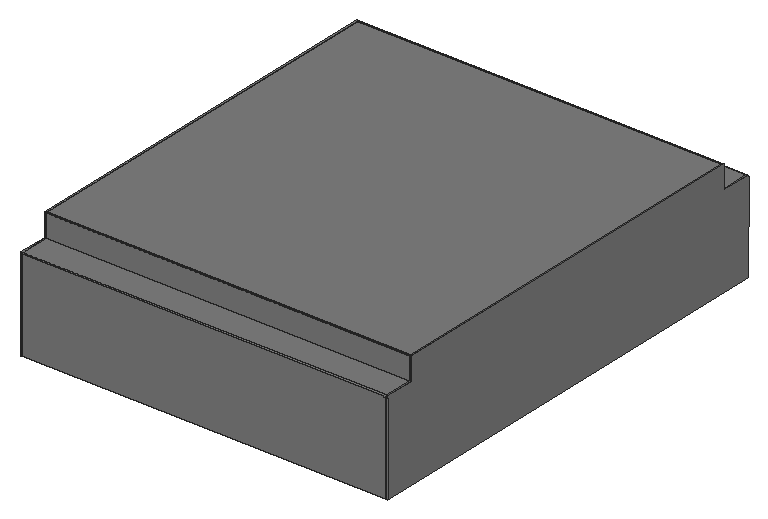
Revit family "Building-FlushMountingEnclosures-GEWISS-24SC-UNDERFLOOR_BOXES", category Apparecchi elettrici, host Superficie, Revit 2016
Family settings
  Host = Superficie
  Mantenere orientamento annotazione = Sì
  Tipo di parte = Normale
  Quota connettore circolare = Usa diametro
  Taglio con vuoti quando caricato = Sì
  Condiviso = Sì
  Punto di calcolo locali = Sì
Parameters (values of type "GW24622 - Metal casing for und.outlet box 20-32M")
  Version file RFA = "19.0"
  URL = "https://www.gewiss.com/ww/en"
  Tipo = Torrette a Scomparsa Casseforme_GENERICO : GW24622 Cassaforma in metallo per torretta 20-32p
  Technical sheet = "https://www.gewiss.com/ww/en/search?q=GW24622"
  Suitable for outlet boxes = "GW24602, GW24612, GW24607, GW24617"
  Simbolo [instance] = yes
  SEO = "Casing"
  Realized by GEWISS S.p.A. = ""
  Default Elevation = 1219.2 mm
  Produttore = "GEWISS S.p.A."
  Modello = "GW24622"
  Material = "Metal"
  Immagine tipo = GW24622.jpg
  IFC.TypeObject = ""
  IFC.ExportType = ""
  IFC.ExportAs = ""
  IDT = "eb2e272e-e186-4efe-a574-cdabb52c6024"
  IDF = "92f5f222-8233-4daf-bba0-a6884685a3f9"
  Electrocod = "200"
  EAN code = "8011564759664"
  Distanza verticale del simbolo [instance] = 4.208 mm
  Distanza orizzontale del simbolo [instance] = 273.376 mm
  Descrizione = "METAL CASING FOR UND.OUTLET BOX 20-32M"
  Cornice simbolo [instance] = yes
  Catalogue Range = "24SC"
  Catalogue = "BUILDING"
  COBie.Tagnumber = ""
  COBie.CreatedOn = ""
  COBie.CreatebBy = ""
  COBie.ComponentRegisterItemID = ""
  COBie.Component.TagNumber = ""
  COBie.Component.Space = ""
  COBie.Component.SerialNumber = ""
  COBie.Component.InstallationDate = ""
  COBie.Component.Description = ""
  COBie.Component.BarCode = ""
Types (2, lengths in mm): name | Tipo | Technical sheet | Suitable for outlet boxes | Modello | Immagine tipo | IDT | EAN code | Descrizione
  GW24621 - Metal casing for und.outlet box 10-16M | Torrette a Scomparsa Casseforme_GENERICO : GW24621 Cassaforma in metallo per torretta 10-16p | "https://www.gewiss.com/ww/en/search?q=GW24621" | "GW24601, GW24611, GW24606, GW24616" | "GW24621" | GW24621.jpg | "a4db9c67-232d-4003-bcf7-e7e699d0c973" | "8011564759657" | "METAL CASING FOR UND.OUTLET BOX 10-16M"
  GW24622 - Metal casing for und.outlet box 20-32M | Torrette a Scomparsa Casseforme_GENERICO : GW24622 Cassaforma in metallo per torretta 20-32p | "https://www.gewiss.com/ww/en/search?q=GW24622" | "GW24602, GW24612, GW24607, GW24617" | "GW24622" | GW24622.jpg | "eb2e272e-e186-4efe-a574-cdabb52c6024" | "8011564759664" | "METAL CASING FOR UND.OUTLET BOX 20-32M"
Reference planes
  plane 1 "Centro (Fronte/Retro)": y = 0
  plane 2: z = 0
  plane 3 "Centro (Sinistra/Destra)": x = 0
  plane 4: x = -273.376
Dimensions and locks
  "Distanza orizzontale del simbolo": plane 4 to plane 3 "Centro (Sinistra/Destra)"
  aligned and locked: plane 2 to host face
  aligned and locked: level to host face
  aligned and locked: plane 3 "Centro (Sinistra/Destra)" to nested 1
  aligned and locked: plane 1 "Centro (Fronte/Retro)" to nested 1
  aligned and locked: plane 4 to nested 2
Automatic sketch dimensions
  host sketch curve to host sketch curve = 2438.4 mm  (x2)
Nested families
  nested 1: "Torrette a Scomparsa Casseforme_GENERICO" at (0, 0, -100), type <- "Tipo", type "GW24622 Cassaforma in metallo per torretta 20-32p"
  nested 2: "CASSDERIVAZPAR" at (-273.376, 184.587, 0), Distanza dal muro <- "Distanza verticale del simbolo", BORDO ACCESO <- "Cornice simbolo", SIMBOLO ACCESO <- "Simbolo", type "CASSETTA"
    with SIMBOLO ACCESO yes, Distanza dal muro 4.208 mm, BORDO ACCESO yes
Definition of nested family "Torrette a Scomparsa Casseforme_GENERICO"
  Parameters (values of type "GW24621 Cassaforma in metallo per torretta 10-16p")
    Lunghezza = 238 mm
    Larghezza = 318 mm
    Lunghezza interna = 189 mm
    Finitura Torretta Casseforme = none
    Altezza Torretta = 100 mm  # constant formula
  Types (3, lengths in mm): name | Lunghezza | Lunghezza interna
    (no name) | 238 | 189
    GW24621 Cassaforma in metallo per torretta 10-16p | 238 | 189
    GW24622 Cassaforma in metallo per torretta 20-32p | 391 | 339
  Reference planes
    plane 1 "Centro (Fronte/Retro)": y = 0
    plane 2: z = 0
    plane 3 "Centro (Sinistra/Destra)": x = 0
    plane 4: x = -159
    plane 5: x = 159
    plane 6: y = 119
    plane 7: y = -119
    plane 8 "Faccia Superiore Torretta": z = 80
    plane 9 "Faccia Coperchio": z = 100
    plane 10: x = 158
    plane 11: x = -158
    plane 12: z = 1
    plane 13: y = -118
    plane 14: y = 118
    plane 15: z = 1
    plane 16: y = -94.5
    plane 17: y = 94.5
  Forms (mm)
    Extrusion 1, solid, material <- "Finitura Torretta Casseforme"
      sketch origin (0, 0, 0) x (1, 0, 0) y (0, 1, 0)
        loop
          line (-158, 118) -> (-158, -118) -> (158, -118) -> (158, 118) -> (-158, 118)
      from 0 to 1
    Extrusion 2, solid, material <- "Finitura Torretta Casseforme"
      sketch origin (0, 0, 100) x (-1, 0, 0) y (0, -1, 0)
        loop
          line (158, -93.5) -> (158, 93.5) -> (-158, 93.5) -> (-158, -93.5) -> (158, -93.5)
      from -0.9 to 0
    Sweep 3, solid, material <- "Finitura Torretta Casseforme"
      path origin (0, 0, 0) x (1, 0, 0) y (0, -1, 0)
        loop
          line (-158, 119) -> (158, 119)
      profile origin (0, -119, 0) x (0, 1, 0) y (0, 0, 1)
        loop
          line (0, 0) -> (1, 0) -> (1, 79) -> (25.5, 79) -> (25.5, 100) -> (24.5, 100) -> (24.5, 80) -> (1, 80)
          arc (1, 80) -> (0.293, 79.707) -> (0, 79) r 1
          line (0, 79) -> (0, 0)
    Extrusion 4, solid, material <- "Finitura Torretta Casseforme"
      sketch origin (0, 0, 0) x (0, 1, 0) y (0, 0, 1)
        loop
          line (-119, 0) -> (119, 0) -> (119, 79)
          arc (119, 79) -> (118.707, 79.707) -> (118, 80) r 1
          line (118, 80) -> (94.5, 80) -> (94.5, 100) -> (-94.5, 100) -> (-94.5, 80) -> (-118, 80)
          arc (-118, 80) -> (-118.707, 79.707) -> (-119, 79) r 1
          line (-119, 79) -> (-119, 0)
      from 158 to 159
    Extrusion 5, solid, material <- "Finitura Torretta Casseforme"
      sketch origin (0, 0, 0) x (0, 1, 0) y (0, 0, -1)
        loop
          line (-119, 0) -> (-119, -79)
          arc (-119, -79) -> (-118.707, -79.707) -> (-118, -80) r 1
          line (-118, -80) -> (-94.5, -80) -> (-94.5, -100) -> (94.5, -100) -> (94.5, -80) -> (118, -80)
          arc (118, -80) -> (118.707, -79.707) -> (119, -79) r 1
          line (119, -79) -> (119, 0) -> (-119, 0)
      from 158 to 159
    Sweep 6, solid, material <- "Finitura Torretta Casseforme"
      path origin (0, 0, 0) x (1, 0, 0) y (0, 1, 0)
        loop
          line (-158, 119) -> (158, 119)
      profile origin (0, 119, 0) x (0, 1, 0) y (0, 0, 1)
        loop
          line (0, 0) -> (0, 79)
          arc (0, 79) -> (-0.293, 79.707) -> (-1, 80) r 1
          line (-1, 80) -> (-24.5, 80) -> (-24.5, 100) -> (-25.5, 100) -> (-25.5, 79) -> (-1, 79) -> (-1, 0) -> (0, 0)
  Dimensions and locks
    equal spacing: plane 6, plane 1 "Centro (Fronte/Retro)", plane 7
    "Lunghezza": plane 6 to plane 7
    equal spacing: plane 4, plane 3 "Centro (Sinistra/Destra)", plane 5
    "Larghezza": plane 4 to plane 5
    "Altezza Torretta": plane 9 "Faccia Coperchio" to level
    locked: plane 9 "Faccia Coperchio" to plane 8 "Faccia Superiore Torretta" at 20
    locked: plane 10 to plane 5 at 1
    locked: plane 4 to plane 11 at 1
    locked: plane 12 to level at 1
    locked: plane 7 to plane 13 at 1
    locked: plane 6 to plane 14 at 1
    equal spacing: plane 17, plane 1 "Centro (Fronte/Retro)", plane 16
    "Lunghezza interna": plane 16 to plane 17
    plane 9 "Faccia Coperchio" to plane 2 = 100 mm
    aligned and locked: level to plane 2
    aligned and locked: plane 15 to Extrusion 1
    aligned and locked: plane 11 to Extrusion 2 sketch curve
    aligned and locked: Sweep 3 sketch curve to plane 9 "Faccia Coperchio"
    aligned and locked: plane 16 to Sweep 3 sketch curve
    aligned and locked: Sweep 3 sketch curve to plane 7
    aligned and locked: plane 13 to Sweep 3 sketch curve
    aligned and locked: Sweep 3 sketch curve to plane 8 "Faccia Superiore Torretta"
    aligned and locked: Extrusion 2 to Sweep 3  (x3)
    aligned and locked: Extrusion 1 sketch curve to plane 14
    aligned and locked: plane 10 to Extrusion 1 sketch curve
    aligned and locked: plane 11 to Extrusion 1 sketch curve
    aligned and locked: Extrusion 1 sketch curve to plane 13
    aligned and locked: profile plane to Sweep 3 sketch curve
    aligned and locked: Extrusion 4 sketch curve to Extrusion 1
    aligned and locked: Extrusion 4 sketch curve to Extrusion 2
    aligned and locked: Extrusion 4 sketch curve to Sweep 3  (x3)
    aligned and locked: plane 10 to Extrusion 4
    aligned and locked: Extrusion 4 to plane 5
    aligned and locked: Extrusion 5 to plane 4
    aligned and locked: plane 11 to Extrusion 5
    aligned and locked: profile plane to Sweep 6 sketch curve
    aligned and locked: Sweep 6 to plane 17
    aligned and locked: plane 8 "Faccia Superiore Torretta" to Extrusion 4
    aligned and locked: plane 6 to Extrusion 4
    aligned and locked: plane 9 "Faccia Coperchio" to Sweep 6 sketch curve
    aligned and locked: Sweep 6 sketch curve to plane 17
    aligned and locked: plane 8 "Faccia Superiore Torretta" to Sweep 6 sketch curve
    aligned and locked: plane 6 to Sweep 6 sketch curve
  Automatic sketch dimensions
    Extrusion 2 sketch curve to plane 10 = 0 mm
    plane 17 to Extrusion 2 sketch curve = 1 mm
    plane 16 to Extrusion 2 sketch curve = 1 mm
    plane 7 to Sweep 3 sketch curve = 0 mm
    Sweep 3 sketch curve to plane 11 = 0 mm
    Sweep 3 sketch curve to plane 10 = 0 mm
    Sweep 3 sketch curve to Sweep 3 sketch curve = 0 mm  (x2)
    Sweep 3 sketch curve to Sweep 3 sketch curve = 1 mm
    Extrusion 4 sketch curve to plane 13 = 0 mm
    Extrusion 4 sketch curve to plane 17 = 0 mm
    Extrusion 4 sketch curve to plane 14 = 0 mm
    Extrusion 4 sketch curve to plane 6 = 0 mm
    Extrusion 4 sketch curve to plane 9 "Faccia Coperchio" = 21 mm
    Extrusion 5 sketch curve to level = 0 mm
    Extrusion 5 sketch curve to plane 7 = 0 mm
    Extrusion 5 sketch curve to plane 8 "Faccia Superiore Torretta" = 0 mm  (x2)
    Extrusion 5 sketch curve to plane 13 = 0 mm
    Extrusion 5 sketch curve to plane 9 "Faccia Coperchio" = 0 mm
    Extrusion 5 sketch curve to plane 16 = 0 mm
    Extrusion 5 sketch curve to plane 17 = 0 mm
    Extrusion 5 sketch curve to plane 14 = 0 mm
    Extrusion 5 sketch curve to plane 6 = 0 mm
    Sweep 6 sketch curve to plane 6 = 0 mm
    Sweep 6 sketch curve to plane 11 = 0 mm
    Sweep 6 sketch curve to plane 10 = 0 mm
    Sweep 6 sketch curve to Sweep 6 sketch curve = 1 mm  (x2)
    profile plane to Sweep 6 sketch curve = 1 mm
    Sweep 6 sketch curve to Sweep 6 sketch curve = 0 mm
Definition of nested family "CASSDERIVAZPAR"
  Parameters (values of type "CASSETTA")
    SIMBOLO ACCESO [instance] = yes
    Distanza dal muro [instance] = 4.208 mm
    BORDO ACCESO [instance] = yes
  Reference planes
    plane 1: y = 0
    plane 2: x = 0
  Dimensions and locks
    "Distanza dal muro": plane 1 to nested 1
    aligned and locked: plane 2 to nested 1
  Nested families
    nested 1: "CASSDERIVAZPAR_BASE" at (0, 4.208, 0), BORDO ACCESO <- "BORDO ACCESO", SIMBOLO ACCESO <- "SIMBOLO ACCESO", type "CASSETTA"
      with BORDO ACCESO yes
  Definition of nested family "CASSDERIVAZPAR_BASE"
    Parameters (values of type "CASSETTA")
      SIMBOLO ACCESO [instance] = yes
      Distanza dal muro = 4.208 mm
      BORDO ACCESO [instance] = yes
    Reference planes
      plane 1: y = 0
      plane 2: x = 0
    Lines and regions (mm)
      detail lines, visible <- "BORDO ACCESO"
        curve 1: line (-1, 2.5, 0) -> (1, 2.5, 0)
        curve 2: line (1, 2.5, 0) -> (1, 0, 0)
        curve 3: line (1, 0, 0) -> (-1, 0, 0)
        curve 4: line (-1, 0, 0) -> (-1, 2.5, 0)
        curve 5: line (-0.9, 2.4, 0) -> (0.9, 2.4, 0)
        curve 6: line (0.9, 2.4, 0) -> (0.9, 0.1, 0)
        curve 7: line (0.9, 0.1, 0) -> (-0.9, 0.1, 0)
        curve 8: line (-0.9, 0.1, 0) -> (-0.9, 2.4, 0)
      detail lines, visible <- "BORDO ACCESO", not visible
        curve 9: line (-2.443, 10.208, 0) -> (2.057, 10.208, 0)
        curve 10: line (2.057, 10.208, 0) -> (2.057, 4.208, 0)
        curve 11: line (2.057, 4.208, 0) -> (-2.443, 4.208, 0)
        curve 12: line (-2.443, 4.208, 0) -> (-2.443, 10.208, 0)
        curve 13: line (-2.043, 9.808, 0) -> (1.657, 9.808, 0)
        curve 14: line (1.657, 9.808, 0) -> (1.657, 4.608, 0)
        curve 15: line (1.657, 4.608, 0) -> (-2.043, 4.608, 0)
        curve 16: line (-2.043, 4.608, 0) -> (-2.043, 9.808, 0)
      detail lines, visible <- "SIMBOLO ACCESO"
        curve 17: line (-0.7, 1.95, 0) -> (0.7, 1.95, 0)
        curve 18: line (-0.7, 0.55, 0) -> (-0.7, 1.95, 0)
        curve 19: line (0.7, 0.55, 0) -> (-0.7, 0.55, 0)
        curve 20: line (0.7, 1.95, 0) -> (0.7, 0.55, 0)
        curve 21: circle (0, 1.25, 0) r 0.1 normal (0, 0, 1)
    Dimensions and locks
      aligned and locked: curve 3 to plane 1
